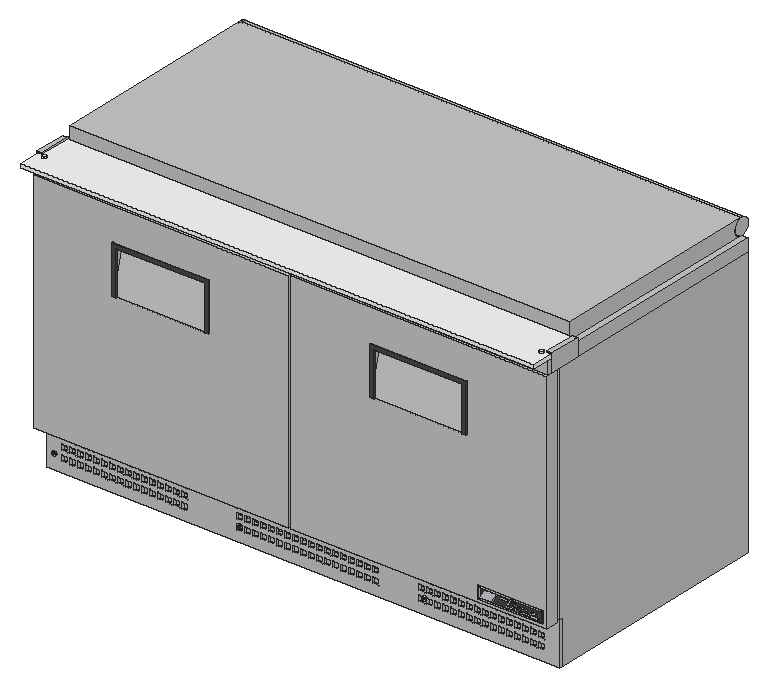
Revit family "QF_TRUE_TFP-64-24M-FGLID", category Specialty Equipment, Revit 2016 (continued)
Definition of nested family "TFP-64-24M-FGLID"
  Definition of nested family "QF_LOGO_TRUE"
    Forms (in)
      Extrusion 5, solid, not visible
        sketch origin (121.45701, -16.5, 4.98235) x (1, 0, 0) y (0, 0, 1)
          loop
            arc (27.22435, 34.75493) -> (27.23458, 34.81765) -> (27.22435, 34.88037) r 0.1974
            arc (27.22435, 34.88037) -> (27.18247, 34.93579) -> (27.11563, 34.95472) r 0.10914
            line (27.11563, 34.95472) -> (26.7387, 34.95472)
          loop
            line (26.90201, 34.80638) -> (26.84645, 34.59903) -> (26.92855, 34.59903)
            arc (26.92855, 34.59903) -> (26.98205, 34.6185) -> (27.01051, 34.6678) r 0.08322
            line (27.01051, 34.6678) -> (27.02399, 34.74424)
            arc (27.02399, 34.74424) -> (27.01491, 34.78454) -> (26.97985, 34.80638) r 0.05353
            line (26.97985, 34.80638) -> (26.90201, 34.80638)
          loop
            line (27.45336, 34.66131) -> (27.76233, 34.66131) -> (27.78859, 34.73909)
            arc (27.78859, 34.73909) -> (27.7878, 34.82039) -> (27.73107, 34.87864) r 0.10925
            arc (27.73107, 34.87864) -> (27.68233, 34.8944) -> (27.63139, 34.89974) r 0.24595
            line (27.63139, 34.89974) -> (27.46708, 34.89974)
            arc (27.46708, 34.89974) -> (27.4068, 34.88073) -> (27.3535, 34.84677) r 0.2421
            arc (27.3535, 34.84677) -> (27.2897, 34.76363) -> (27.26702, 34.66131) r 0.2421
            line (27.26702, 34.66131) -> (27.26702, 34.54477)
            arc (27.26702, 34.54477) -> (27.31618, 34.4956) -> (27.38334, 34.47761) r 0.13431
            line (27.38334, 34.47761) -> (27.59054, 34.47761)
            arc (27.59054, 34.47761) -> (27.63459, 34.48281) -> (27.67622, 34.49812) r 0.18924
            line (27.67622, 34.49812) -> (27.73102, 34.61563)
            arc (27.73102, 34.61563) -> (27.68453, 34.59565) -> (27.63566, 34.58252) r 0.35376
            arc (27.63566, 34.58252) -> (27.55885, 34.56956) -> (27.48204, 34.58252) r 0.23415
            arc (27.48204, 34.58252) -> (27.44492, 34.61362) -> (27.45336, 34.66131) r 0.04838
          loop
            line (27.4842, 34.73042) -> (27.62012, 34.73042) -> (27.62621, 34.76496)
            arc (27.62621, 34.76496) -> (27.58961, 34.80242) -> (27.53739, 34.80638) r 0.0742
            arc (27.53739, 34.80638) -> (27.49747, 34.77773) -> (27.4842, 34.73042) r 0.0742
          loop
            line (27.91616, 34.97572) -> (27.78675, 34.49276) -> (27.98645, 34.49276) -> (28.11586, 34.97572) -> (27.91616, 34.97572)
          loop
            line (28.13678, 34.66131) -> (28.08755, 34.47761) -> (28.27134, 34.47761) -> (28.32056, 34.66131) -> (28.43674, 34.66131) -> (28.47974, 34.78864) -> (28.36519, 34.78864)
            arc (28.36519, 34.78864) -> (28.35733, 34.81649) -> (28.36921, 34.84288) r 0.04231
            arc (28.36921, 34.84288) -> (28.431, 34.8652) -> (28.49617, 34.85686) r 0.13988
            line (28.49617, 34.85686) -> (28.53544, 34.97317)
            arc (28.53544, 34.97317) -> (28.39725, 34.99096) -> (28.25905, 34.97317) r 0.54546
            arc (28.25905, 34.97317) -> (28.20849, 34.91994) -> (28.18197, 34.85147) r 0.1894
            line (28.18197, 34.85147) -> (28.17089, 34.78864) -> (28.11397, 34.78864) -> (28.07985, 34.66131) -> (28.13678, 34.66131)
          loop
            arc (28.74846, 34.89756) -> (28.65884, 34.88533) -> (28.56922, 34.89756) r 0.33455
            line (28.56922, 34.89756) -> (28.45669, 34.47761) -> (28.63593, 34.47761) -> (28.74846, 34.89756)
          loop
            arc (28.60398, 35.01195) -> (28.57699, 34.97173) -> (28.60398, 34.9315) r 0.04347
            line (28.60398, 34.9315) -> (28.75755, 34.9315)
            arc (28.75755, 34.9315) -> (28.78645, 34.96687) -> (28.77911, 35.01195) r 0.0556
            line (28.77911, 35.01195) -> (28.60398, 35.01195)
          loop
            line (28.95336, 34.66131) -> (29.26233, 34.66131) -> (29.28859, 34.73909)
            arc (29.28859, 34.73909) -> (29.2878, 34.82039) -> (29.23107, 34.87864) r 0.10925
            arc (29.23107, 34.87864) -> (29.18233, 34.8944) -> (29.13139, 34.89974) r 0.24595
            line (29.13139, 34.89974) -> (28.96708, 34.89974)
            arc (28.96708, 34.89974) -> (28.9068, 34.88073) -> (28.8535, 34.84677) r 0.2421
            arc (28.8535, 34.84677) -> (28.7897, 34.76363) -> (28.76702, 34.66131) r 0.2421
            line (28.76702, 34.66131) -> (28.76702, 34.54477)
            arc (28.76702, 34.54477) -> (28.81618, 34.4956) -> (28.88334, 34.47761) r 0.13431
            line (28.88334, 34.47761) -> (29.09054, 34.47761)
            arc (29.09054, 34.47761) -> (29.13459, 34.48281) -> (29.17622, 34.49812) r 0.18924
            line (29.17622, 34.49812) -> (29.23102, 34.61563)
            arc (29.23102, 34.61563) -> (29.18453, 34.59565) -> (29.13566, 34.58252) r 0.35376
            arc (29.13566, 34.58252) -> (29.05885, 34.56956) -> (28.98204, 34.58252) r 0.23415
            arc (28.98204, 34.58252) -> (28.94492, 34.61362) -> (28.95336, 34.66131) r 0.04838
          loop
            line (28.9842, 34.73042) -> (29.12012, 34.73042) -> (29.12621, 34.76496)
            arc (29.12621, 34.76496) -> (29.08961, 34.80242) -> (29.03739, 34.80638) r 0.0742
            arc (29.03739, 34.80638) -> (28.99747, 34.77773) -> (28.9842, 34.73042) r 0.0742
          loop
            line (29.41616, 34.97572) -> (29.28675, 34.49276) -> (29.48645, 34.49276) -> (29.61586, 34.97572) -> (29.41616, 34.97572)
          loop
            line (29.99836, 34.97572) -> (29.95192, 34.80242)
            arc (29.95192, 34.80242) -> (29.94473, 34.85705) -> (29.90102, 34.89059) r 0.07199
            arc (29.90102, 34.89059) -> (29.80023, 34.89941) -> (29.70251, 34.87322) r 0.29131
            arc (29.70251, 34.87322) -> (29.61806, 34.7652) -> (29.5896, 34.63108) r 0.30433
            line (29.5896, 34.63108) -> (29.5896, 34.55572)
            arc (29.5896, 34.55572) -> (29.61075, 34.50463) -> (29.66184, 34.48348) r 0.07224
            line (29.66184, 34.48348) -> (29.78537, 34.48348)
            arc (29.78537, 34.48348) -> (29.83854, 34.51313) -> (29.88504, 34.55243) r 0.31609
            line (29.88504, 34.55243) -> (29.86905, 34.49276) -> (30.05973, 34.49276) -> (30.18914, 34.97572) -> (29.99836, 34.97572)
          loop
            arc (29.84537, 34.75931) -> (29.79424, 34.71128) -> (29.77745, 34.64317) r 0.12371
            arc (29.77745, 34.64317) -> (29.80071, 34.59901) -> (29.85056, 34.59647) r 0.05045
            arc (29.85056, 34.59647) -> (29.90141, 34.64047) -> (29.92536, 34.7033) r 0.13769
            arc (29.92536, 34.7033) -> (29.90211, 34.75521) -> (29.84537, 34.75931) r 0.05543
          loop
            line (26.45047, 35.26762) -> (26.58211, 35.26762)
            arc (26.58211, 35.26762) -> (26.60467, 35.30821) -> (26.62126, 35.35157) r 0.3277
            arc (26.62126, 35.35157) -> (26.62714, 35.39992) -> (26.60877, 35.44503) r 0.09693
            arc (26.60877, 35.44503) -> (26.56454, 35.48868) -> (26.50462, 35.50516) r 0.12312
            arc (26.50462, 35.50516) -> (26.44158, 35.50565) -> (26.37854, 35.50546) r 5.76967
            arc (26.37854, 35.50546) -> (26.07462, 35.42923) -> (25.81045, 35.26076) r 0.97743
            line (25.81045, 35.26076) -> (25.85921, 35.26076)
            arc (25.85921, 35.26076) -> (26.08494, 35.39361) -> (26.3396, 35.45485) r 0.88817
            arc (26.3396, 35.45485) -> (26.41429, 35.44188) -> (26.47267, 35.39352) r 0.14748
            arc (26.47267, 35.39352) -> (26.48041, 35.32725) -> (26.45047, 35.26762) r 0.11636
          loop
            arc (26.35412, 35.17841) -> (26.19578, 35.0555) -> (26.00982, 34.98069) r 0.72453
            arc (26.00982, 34.98069) -> (25.9036, 34.95581) -> (25.79459, 34.9604) r 0.40201
            arc (25.79459, 34.9604) -> (25.7275, 34.98819) -> (25.69972, 35.05528) r 0.09488
            arc (25.69972, 35.05528) -> (25.71867, 35.12629) -> (25.77049, 35.17841) r 0.1425
            line (25.77049, 35.17841) -> (25.73665, 35.18748)
            arc (25.73665, 35.18748) -> (25.67632, 35.09876) -> (25.66924, 34.99171) r 0.20432
            arc (25.66924, 34.99171) -> (25.71443, 34.9227) -> (25.79473, 34.90384) r 0.11116
            arc (25.79473, 34.90384) -> (25.91172, 34.89904) -> (26.02716, 34.91862) r 0.56145
            arc (26.02716, 34.91862) -> (26.27675, 35.021) -> (26.49584, 35.17841) r 1.15683
            line (26.49584, 35.17841) -> (26.35412, 35.17841)
        from 31.54261 to 31.56272
    Dimensions and locks (in)
      aligned and locked: level to plane 2
      aligned and locked: Extrusion 2 to Extrusion 3  (x2)
      aligned and locked: Extrusion 2 sketch curve to Extrusion 3
